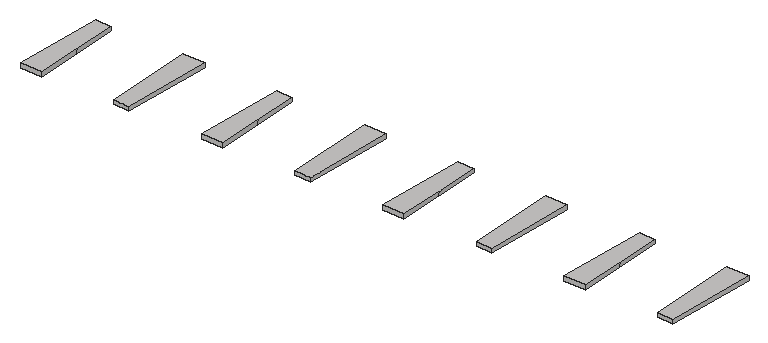
Revit family
Parameters (values of type "PD3 Basket® assembly")
  dataLength [instance] = ((Number of Plates - 1) * Plate Spacing) + 0' 9"  # 7' - 9"
  dataHalf Thickness [instance] = Plate Thickness / 2  # 0' - 0 1/4"
  Width = Basket Width  # 1' - 1"
  URL = "http://www.pna-inc.com"
  Type Comments = ""
  Solo B Visible [instance] = and(not(B Visible), Number of Plates > 1)  # no
  Solo A Visible [instance] = not(A Visible)  # no
  Slab Depth [instance] = 1' - 0"
  Product Page URL = "http://www.pna-inc.com/products/pd3_basket/"
  Product Documentation Link = "http://www.pna-inc.com/products/pd3_basket/PNA_PD3_Basket_Assembly_PDS_08Oct.pdf"
  Plate Thickness = 0' - 0 1/2"
  Plate Spacing [instance] = 1' - 0"
  Plate Material = Metal - PNA - Steel
  Plate Length = 1' - 0"
  Plate Depth [instance] = if(Slab Depth < 1' 2", (Slab Depth / 2), 0' 7")  # 0' - 6"
  Plate B Spacing [instance] = Plate A Spacing  # 2' - 0"
  Number of Plates [instance] = 8
  Model = "PD3 Basket® assembly"
  Manufacturer = "PNA Construction Technologies Inc. "
  Length [instance] = Basket Length  # 7' - 9"
  Description = "PD3 Basket® assembly"
  Basket Width = Plate Length + 0' 1"  # 1' - 1"
  Basket Material = Metal - PNA - Steel
  Basket Length [instance] = if(Number of Plates = 1, 1' 0", if(dataLength > 14' 0", 14' 0", dataLength))  # 7' - 9"
  B Visible [instance] = Number of Plates > 3  # yes
  Assembly Code = ""
  Plate A Spacing [instance] = Plate Spacing * 2  # 2' - 0"
  A Visible [instance] = Number of Plates > 2  # yes
  # of B Plates [instance] = if(Number of Plates < 4, 2, (Number of Plates - # of A Plates))  # 4
  # of A Plates [instance] = if(Number of Plates < 3, 2, Number of Plates / 2)  # 4
Reference planes (in)
  plane 1 "Center (Front/Back)": y = 0
  plane 2: z = 0
  plane 3 "Center (Left/Right)": x = 0
  plane 4 "Bottom of Slab": z = -12
  plane 5: z = -6
  plane 6: x = -40.5
  plane 7: x = -28.5
  plane 8: x = -16.5
  plane 9: x = -4.5
  plane 10: x = -46.5
  plane 11: x = 46.5
  plane 12: z = -5.75
Forms (in)
  Extrusion 1, solid, detail levels coarse
    sketch origin (0, 0, 0) x (1, 0, 0) y (0, 1, 0)
      loop
        line (-46.5, -7.625) -> (46.5, -7.625) -> (46.5, 7.625) -> (-46.5, 7.625) -> (-46.5, -7.625)
    from -12 to -5.75
Lines and regions (in)
  Masking region 1, detail levels coarse
    outline origin (-24, -5.5, 48) x (-1, 0, 0) y (0, 0, 1)
      loop
        line (22.5, -60) -> (22.5, -53.75) -> (-70.5, -53.75) -> (-70.5, -60) -> (22.5, -60)
  Masking region 2, detail levels coarse
    outline origin (-1.90625, 5.75, 48) x (0, -1, 0) y (0, 0, 1)
      loop
        line (-1.875, -60) -> (13.375, -60) -> (13.375, -53.75) -> (-1.875, -53.75) -> (-1.875, -60)
  Masking region 3, detail levels coarse
    outline origin (0, 0, 0) x (1, 0, 0) y (0, 1, 0)
      loop
        line (-46.5, -7.625) -> (46.5, -7.625) -> (46.5, 7.625) -> (-46.5, 7.625) -> (-46.5, -7.625)
Dimensions and locks (in)
  "Slab Depth": plane 2 to plane 4 "Bottom of Slab"
  "Plate Depth": plane 5 to plane 4 "Bottom of Slab"
  "Plate A Spacing": plane 6 to plane 8
  "Plate B Spacing": plane 7 to plane 9
  "Plate Spacing": plane 6 to plane 7
  "Length": plane 10 to plane 11
  equal spacing: plane 10, plane 3 "Center (Left/Right)", plane 11
  locked: plane 10 to plane 6 at 6
  equal spacing: group 1, group 2, group 3, group 7  (x3)
  equal spacing: group 4, group 5, group 6, group 8  (x3)
  "dataHalf Thickness": plane 12 to plane 5
  aligned and locked: level to plane 2
  aligned and locked: nested 1 to plane 6
  aligned and locked: plane 1 "Center (Front/Back)" to nested 1
  aligned and locked: plane 5 to nested 1
  aligned and locked: nested 2 to plane 7
  aligned and locked: plane 1 "Center (Front/Back)" to nested 2
  aligned and locked: plane 1 "Center (Front/Back)" to nested 3
  aligned and locked: nested 3 to plane 6
  aligned and locked: plane 5 to nested 3
  aligned and locked: plane 5 to nested 2
  aligned and locked: nested 4 to plane 8
  aligned and locked: plane 1 "Center (Front/Back)" to nested 4
  aligned and locked: plane 5 to nested 4
  aligned and locked: plane 1 "Center (Front/Back)" to nested 6
  aligned and locked: nested 6 to plane 7
  aligned and locked: plane 5 to nested 6
  aligned and locked: nested 7 to plane 9
  aligned and locked: plane 1 "Center (Front/Back)" to nested 7
  aligned and locked: plane 5 to nested 7
  aligned and locked: Extrusion 1 sketch curve to plane 10
  aligned and locked: plane 11 to Extrusion 1 sketch curve
  aligned and locked: Extrusion 1 to plane 4 "Bottom of Slab"
  aligned and locked: plane 12 to Extrusion 1
  aligned and locked: Masking region 1 sketch curve to plane 10
  aligned and locked: Masking region 1 sketch curve to plane 12
  aligned and locked: Masking region 1 sketch curve to plane 4 "Bottom of Slab"
  aligned and locked: Masking region 1 sketch curve to plane 11
  aligned and locked: Masking region 2 sketch curve to Extrusion 1  (x2)
  aligned and locked: plane 12 to Masking region 2 sketch curve
  aligned and locked: plane 4 "Bottom of Slab" to Masking region 2 sketch curve
  aligned and locked: Masking region 3 sketch curve to plane 10
  aligned and locked: Masking region 3 sketch curve to Extrusion 1  (x2)
  aligned and locked: plane 11 to Masking region 3 sketch curve
  aligned and locked: plane 3 "Center (Left/Right)" to nested 11
  aligned and locked: plane 1 "Center (Front/Back)" to nested 11
  aligned and locked: nested 11 to plane 4 "Bottom of Slab"
  aligned and locked: Extrusion 1 to nested 11
Automatic sketch dimensions
  plane 1 "Center (Front/Back)" to Extrusion 1 sketch curve = 0' - 7 5/8"
  Extrusion 1 sketch curve to plane 1 "Center (Front/Back)" = 0' - 7 5/8"
Nested families (in)
  nested 1: "PD3 Plate A" at (-40.5, 0, -6), Plate Thickness <- "Plate Thickness", Plate Length <- "Plate Length", type "PD3 Plate A"
    with Plate Thickness 0' - 0 1/2", Plate Length 1' - 0", built-in parameter 1001569 0' - 0"
  nested 2: "PD3 Plate B" at (-28.5, 0, -6), Plate Thickness <- "Plate Thickness", Plate Length <- "Plate Length", type "PD3 Plate B"
    with Plate Thickness 0' - 0 1/2", Plate Length 1' - 0", built-in parameter 1001569 0' - 0"
  nested 3: "PD3 Plate A2" at (-40.5, 0, -6), Plate Thickness <- "Plate Thickness", Plate Length <- "Plate Length", visible <- "A Visible", type "PD3 Plate A2"
    with Plate Thickness 0' - 0 1/2", Plate Length 1' - 0", built-in parameter 1001569 0' - 0"
  nested 4: "PD3 Plate A2" at (-16.5, 0, -6), Plate Thickness <- "Plate Thickness", Plate Length <- "Plate Length", visible <- "A Visible", type "PD3 Plate A2"
    with Plate Thickness 0' - 0 1/2", Plate Length 1' - 0", built-in parameter 1001569 0' - 0"
  nested 5: "PD3 Plate A2" at (7.5, 0, -6), Plate Thickness <- "Plate Thickness", Plate Length <- "Plate Length", visible <- "A Visible", type "PD3 Plate A2"
    with Plate Thickness 0' - 0 1/2", Plate Length 1' - 0", built-in parameter 1001569 0' - 0"
  nested 6: "PD3 Plate B2" at (-28.5, 0, -6), Plate Thickness <- "Plate Thickness", Plate Length <- "Plate Length", visible <- "B Visible", type "PD3 Plate B2"
    with Plate Thickness 0' - 0 1/2", Plate Length 1' - 0", built-in parameter 1001569 0' - 0"
  nested 7: "PD3 Plate B2" at (-4.5, 0, -6), Plate Thickness <- "Plate Thickness", Plate Length <- "Plate Length", visible <- "B Visible", type "PD3 Plate B2"
    with Plate Thickness 0' - 0 1/2", Plate Length 1' - 0", built-in parameter 1001569 0' - 0"
  nested 8: "PD3 Plate B2" at (19.5, 0, -6), Plate Thickness <- "Plate Thickness", Plate Length <- "Plate Length", visible <- "B Visible", type "PD3 Plate B2"
    with Plate Thickness 0' - 0 1/2", Plate Length 1' - 0", built-in parameter 1001569 0' - 0"
  nested 9: "PD3 Plate A2" at (31.5, 0, -6), Plate Thickness <- "Plate Thickness", Plate Length <- "Plate Length", visible <- "A Visible", type "PD3 Plate A2"
    with Plate Thickness 0' - 0 1/2", Plate Length 1' - 0", built-in parameter 1001569 0' - 0"
  nested 10: "PD3 Plate B2" at (43.5, 0, -6), Plate Thickness <- "Plate Thickness", Plate Length <- "Plate Length", visible <- "B Visible", type "PD3 Plate B2"
    with Plate Thickness 0' - 0 1/2", Plate Length 1' - 0", built-in parameter 1001569 0' - 0"
  nested 11: "PD3 Basket Rails" at (0, 0, 0), Slab Depth <- "Slab Depth", Plate Thickness <- "Plate Thickness", Plate Length <- "Plate Length", Basket Length <- "Basket Length", type "Rails"
    with Slab Depth 1' - 0", Plate Thickness 0' - 0 1/2", Plate Offset 0' - 0 1/4", Plate Length 1' - 0", Plate Depth 0' - 6", Length 0' - 0", Basket Width 1' - 1", Basket Length 7' - 9"
Definition of nested family "PD3 Plate A"
  Parameters (values of type "PD3 Plate A")
    Width = 0' - 0"  # constant formula
    URL = ""
    Type Comments = ""
    Plate Thickness [instance] = 0' - 0 3/4"
    Plate Material = Metal - PNA - Steel
    Plate Length [instance] = 1' - 0"
    Model = ""
    Manufacturer = "PNA Construction Technologies Inc. "
    Length [instance] = 0' - 0"  # constant formula
    Description = "\r\n\r\nIt is imperative that round dowel baskets are positioned so that the dowels are at 90º to the joint to prevent the dowels from ‘stitching’ the joint together… “Dowels, whether bars or plates, are installed at slab mid-depth, parallel to the floor surface and slab centerline. Round dowel bars not placed parallel will restrain joint movement and may cause random cracking. Dowel bar cages can be used to assure proper positioning in concrete floor construction. The new dowel shapes- square bars and plates- may be more forgiving than traditional round bars in this respect.” - Portland Cement Association; Concrete Floors on Ground.\r\n\r\nSee the ‘Load Plate Basket’ section of this web site for more information regarding this improved technology"
    Assembly Code = ""
  Reference planes (in)
    plane 1 "Center (Front/Back)": y = 0
    plane 2: z = 0
    plane 3: z = 0.375
    plane 4: z = -0.375
    plane 5 "Center (Left/Right)": x = 0
  Lines and regions (in)
    Masking region 1, detail levels medium+fine
      outline origin (0, 0, 0) x (1, 0, 0) y (0, 1, 0)
        loop
          line (-1.03958, 6.04001) -> (-1.45889, -5.95266) -> (1.4734, -6.05518) -> (1.02508, 5.96783) -> (-1.03958, 6.04001)
    Masking region 2, detail levels medium+fine
      outline origin (0, 0, 0) x (1, 0, 0) y (0, 0, 1)
        loop
          line (1.4734, 0.375) -> (-1.45889, 0.375) -> (-1.45889, -0.375) -> (1.4734, -0.375) -> (1.4734, 0.375)
    Masking region 3, detail levels medium+fine
      outline origin (0, 0, -7) x (0, 1, 0) y (0, 0, 1)
        loop
          line (6.04001, 7.375) -> (-6.05518, 7.375) -> (-6.05518, 6.625) -> (6.04001, 6.625) -> (6.04001, 7.375)
  Dimensions and locks (in)
    "Plate Thickness": plane 3 to plane 4
    equal spacing: plane 3, plane 2, plane 4
    aligned and locked: level to plane 2
    aligned and locked: nested 1 to plane 1 "Center (Front/Back)"
    aligned and locked: nested 1 to plane 5 "Center (Left/Right)"
    aligned and locked: Masking region 1 sketch curve to nested 1  (x4)
    aligned and locked: Masking region 2 sketch curve to nested 1  (x4)
    aligned and locked: nested 1 to Masking region 3 sketch curve  (x2)
    aligned and locked: Masking region 3 sketch curve to nested 1  (x2)
  Nested families (in)
    nested 1: "PD3 Plate" at (0, 0, 0) x (0.0349, 0.9994, 0) z (0, 0, 1), Plate Thickness <- "Plate Thickness", Plate Length <- "Plate Length", type "Plate", detail levels medium+fine
      with Plate Width 0' - 2 1/2", Plate Thickness 0' - 0 3/4", Plate Length 1' - 0"
  Definition of nested family "PD3 Plate"
    Parameters (values of type "Plate")
      Width = 0' - 0"  # constant formula
      URL = ""
      Plate Width [instance] = if(Plate Thickness = 0' 0 3/8", 0' 2", 0' 2 1/2")  # 0' - 2 1/2"
      Plate Thickness [instance] = 0' - 0 1/2"
      Plate Material = none
      Plate Length [instance] = 1' - 0"
      Model = ""
      Manufacturer = ""
      Length = 0' - 0"  # constant formula
      Description = ""
      Assembly Code = ""
    Reference planes (in)
      plane 1 "Center (Front/Back)": y = 0
      plane 2: z = 0
      plane 3 "Center (Left/Right)": x = 0
      plane 4: through (0, 0, 48) normal (-0.7071, -0.7071, 0)
      plane 5: through (0, 0, 48) normal (-0.7071, 0.7071, 0)
      plane 6: through (-11.75245, 9.98468, 48) normal (0.7071, 0.7071, 0)
      plane 7: through (-9.98468, 11.75245, 48) normal (0.7071, 0.7071, 0)
      plane 8: through (16.10608, 17.87384, 48) normal (0.7071, -0.7071, 0)
      plane 9: through (15.96206, 14.19429, 48) normal (0.7071, -0.7071, 0)
      plane 10: z = 0.25
      plane 11 "Bottom of Plate": z = -0.25
      plane 12 "Length Midline": through (-5.70952, -0.19962, 48) normal (-0.0349, 0.9994, 0)
      plane 13 "Front Edge Midline": y = -1.25
      plane 14 "Back Edge": y = 1.25
      plane 15 "Left Edge": x = -6
      plane 16 "Right Edge": x = 6
      plane 17 "Front Corner Long": y = -1.68408
      plane 18 "Front Corner Short": y = -0.81592
      plane 19: through (0, 0, 48) normal (0.9994, 0.0349, 0)
    Forms (in)
      Extrusion 1, solid, material <- "Plate Material"
        sketch origin (0.33452, -8.56221, 0) x (1, 0, 0) y (0, 1, 0)
          loop
            line (-0.33452, 7.31221) -> (5.66548, 7.74629) -> (5.66548, 9.81221) -> (-6.33452, 9.81221) -> (-6.33452, 6.87814) -> (-0.33452, 7.31221)
        from -0.25 to 0.25
    Lines and regions (in)
      Masking region 1
        outline origin (0, 0, 0) x (0, 1, 0) y (0, 0, 1)
          loop
            line (1.4106, 0.25) -> (-1.42447, 0.25) -> (-1.42447, -0.25) -> (1.4106, -0.25) -> (1.4106, 0.25)
    Dimensions and locks (in)
      equal spacing: plane 7, plane 4, plane 6
      equal spacing: plane 9, plane 5, plane 8
      locked: plane 9 to plane 8 at 2.5
      locked: plane 7 to plane 6 at 2.5
      equal spacing: plane 10, plane 2, plane 11 "Bottom of Plate"
      "Plate Thickness": plane 10 to plane 11 "Bottom of Plate"
      equal spacing: plane 15 "Left Edge", plane 3 "Center (Left/Right)", plane 16 "Right Edge"
      equal spacing: plane 14 "Back Edge", plane 1 "Center (Front/Back)", plane 13 "Front Edge Midline"
      plane 17 "Front Corner Long" to plane 13 "Front Edge Midline" to plane 18 "Front Corner Short" = 0' - 0.43408" locked, 0' - 0.43408" locked
      "Plate Width": plane 14 "Back Edge" to plane 13 "Front Edge Midline"
      "Plate Length": plane 15 "Left Edge" to plane 16 "Right Edge"
      locked: plane 4 to plane 1 "Center (Front/Back)" (angle 45.00°)
      locked: plane 1 "Center (Front/Back)" to plane 5 (angle 45.00°)
      aligned: plane 14 "Back Edge" to Extrusion 1
      aligned: plane 16 "Right Edge" to Extrusion 1
      aligned: plane 15 "Left Edge" to Extrusion 1
      aligned and locked: Extrusion 1 to plane 11 "Bottom of Plate"
      aligned and locked: plane 10 to Extrusion 1
      aligned and locked: plane 13 "Front Edge Midline" to Extrusion 1 sketch curve
      aligned and locked: plane 18 "Front Corner Short" to Extrusion 1 sketch curve
      aligned and locked: Extrusion 1 sketch curve to plane 14 "Back Edge"
      aligned and locked: Extrusion 1 sketch curve to plane 16 "Right Edge"
      aligned and locked: plane 17 "Front Corner Long" to Extrusion 1 sketch curve
    Automatic sketch dimensions
      Masking region 1 sketch curve to plane 11 "Bottom of Plate" = 0' - 0"
      Masking region 1 sketch curve to plane 10 = 0' - 0"
      plane 1 "Center (Front/Back)" to Masking region 1 sketch curve = 0' - 1.42447"
      Masking region 1 sketch curve to plane 1 "Center (Front/Back)" = 0' - 1.4106"
      Extrusion 1 sketch curve to plane 15 "Left Edge" = 0' - 0"
      Extrusion 1 sketch curve to plane 3 "Center (Left/Right)" = 0' - 0"
Definition of nested family "PD3 Plate B"
  Parameters (values of type "PD3 Plate B")
    Width = 0' - 0"  # constant formula
    URL = ""
    Type Comments = ""
    Plate Thickness [instance] = 0' - 0 3/8"
    Plate Material = Metal - PNA - Steel
    Plate Length [instance] = 1' - 0"
    Model = ""
    Manufacturer = ""
    Length [instance] = 0' - 0"  # constant formula
    Description = "\r\n\r\nIt is imperative that round dowel baskets are positioned so that the dowels are at 90º to the joint to prevent the dowels from ‘stitching’ the joint together… “Dowels, whether bars or plates, are installed at slab mid-depth, parallel to the floor surface and slab centerline. Round dowel bars not placed parallel will restrain joint movement and may cause random cracking. Dowel bar cages can be used to assure proper positioning in concrete floor construction. The new dowel shapes- square bars and plates- may be more forgiving than traditional round bars in this respect.” - Portland Cement Association; Concrete Floors on Ground.\r\n\r\nSee the ‘Load Plate Basket’ section of this web site for more information regarding this improved technology"
    Assembly Code = ""
  Reference planes (in)
    plane 1 "Center (Front/Back)": y = 0
    plane 2: z = 0
    plane 3: z = 0.1875
    plane 4: z = -0.1875
    plane 5 "Center (Left/Right)": x = 0
  Lines and regions (in)
    Masking region 1, detail levels medium+fine
      outline origin (0, 0, 0) x (1, 0, 0) y (0, 1, 0)
        loop
          line (0.78974, -6.03128) -> (1.20904, 5.96139) -> (-1.22355, 6.04645) -> (-0.77523, -5.97656) -> (0.78974, -6.03128)
    Masking region 2, detail levels medium+fine
      outline origin (0, 0, 0) x (1, 0, 0) y (0, 0, 1)
        loop
          line (1.20904, 0.1875) -> (-1.22355, 0.1875) -> (-1.22355, -0.1875) -> (1.20904, -0.1875) -> (1.20904, 0.1875)
    Masking region 3, detail levels medium+fine
      outline origin (0, 0, -7) x (0, 1, 0) y (0, 0, 1)
        loop
          line (6.04645, 7.1875) -> (-6.03128, 7.1875) -> (-6.03128, 6.8125) -> (6.04645, 6.8125) -> (6.04645, 7.1875)
  Dimensions and locks (in)
    "Plate Thickness": plane 3 to plane 4
    equal spacing: plane 3, plane 2, plane 4
    aligned and locked: level to plane 2
    aligned and locked: plane 1 "Center (Front/Back)" to nested 1
    aligned and locked: plane 5 "Center (Left/Right)" to nested 1
    aligned and locked: Masking region 1 sketch curve to nested 1  (x4)
    aligned and locked: Masking region 2 sketch curve to nested 1  (x4)
    aligned and locked: Masking region 3 sketch curve to nested 1  (x4)
  Nested families (in)
    nested 1: "PD3 Plate" at (0, 0, 0) x (-0.0349, -0.9994, 0) z (0, 0, 1), Plate Thickness <- "Plate Thickness", Plate Length <- "Plate Length", type "Plate", detail levels medium+fine
      with Plate Width 0' - 2", Plate Thickness 0' - 0 3/8", Plate Length 1' - 0"
  Definition of nested family "PD3 Plate"
    Parameters (values of type "Plate")
      Width = 0' - 0"  # constant formula
      URL = ""
      Plate Width [instance] = if(Plate Thickness = 0' 0 3/8", 0' 2", 0' 2 1/2")  # 0' - 2 1/2"
      Plate Thickness [instance] = 0' - 0 1/2"
      Plate Material = none
      Plate Length [instance] = 1' - 0"
      Model = ""
      Manufacturer = ""
      Length = 0' - 0"  # constant formula
      Description = ""
      Assembly Code = ""
    Reference planes (in)
      plane 1 "Center (Front/Back)": y = 0
      plane 2: z = 0
      plane 3 "Center (Left/Right)": x = 0
      plane 4: through (0, 0, 48) normal (-0.7071, -0.7071, 0)
      plane 5: through (0, 0, 48) normal (-0.7071, 0.7071, 0)
      plane 6: through (-11.75245, 9.98468, 48) normal (0.7071, 0.7071, 0)
      plane 7: through (-9.98468, 11.75245, 48) normal (0.7071, 0.7071, 0)
      plane 8: through (16.10608, 17.87384, 48) normal (0.7071, -0.7071, 0)
      plane 9: through (15.96206, 14.19429, 48) normal (0.7071, -0.7071, 0)
      plane 10: z = 0.25
      plane 11 "Bottom of Plate": z = -0.25
      plane 12 "Length Midline": through (-5.70952, -0.19962, 48) normal (-0.0349, 0.9994, 0)
      plane 13 "Front Edge Midline": y = -1.25
      plane 14 "Back Edge": y = 1.25
      plane 15 "Left Edge": x = -6
      plane 16 "Right Edge": x = 6
      plane 17 "Front Corner Long": y = -1.68408
      plane 18 "Front Corner Short": y = -0.81592
      plane 19: through (0, 0, 48) normal (0.9994, 0.0349, 0)
    Forms (in)
      Extrusion 1, solid, material <- "Plate Material"
        sketch origin (0.33452, -8.56221, 0) x (1, 0, 0) y (0, 1, 0)
          loop
            line (-0.33452, 7.31221) -> (5.66548, 7.74629) -> (5.66548, 9.81221) -> (-6.33452, 9.81221) -> (-6.33452, 6.87814) -> (-0.33452, 7.31221)
        from -0.25 to 0.25
    Lines and regions (in)
      Masking region 1
        outline origin (0, 0, 0) x (0, 1, 0) y (0, 0, 1)
          loop
            line (1.4106, 0.25) -> (-1.42447, 0.25) -> (-1.42447, -0.25) -> (1.4106, -0.25) -> (1.4106, 0.25)
    Dimensions and locks (in)
      equal spacing: plane 7, plane 4, plane 6
      equal spacing: plane 9, plane 5, plane 8
      locked: plane 9 to plane 8 at 2.5
      locked: plane 7 to plane 6 at 2.5
      equal spacing: plane 10, plane 2, plane 11 "Bottom of Plate"
      "Plate Thickness": plane 10 to plane 11 "Bottom of Plate"
      equal spacing: plane 15 "Left Edge", plane 3 "Center (Left/Right)", plane 16 "Right Edge"
      equal spacing: plane 14 "Back Edge", plane 1 "Center (Front/Back)", plane 13 "Front Edge Midline"
      plane 17 "Front Corner Long" to plane 13 "Front Edge Midline" to plane 18 "Front Corner Short" = 0' - 0.43408" locked, 0' - 0.43408" locked
      "Plate Width": plane 14 "Back Edge" to plane 13 "Front Edge Midline"
      "Plate Length": plane 15 "Left Edge" to plane 16 "Right Edge"
      locked: plane 4 to plane 1 "Center (Front/Back)" (angle 45.00°)
      locked: plane 1 "Center (Front/Back)" to plane 5 (angle 45.00°)
      aligned: plane 14 "Back Edge" to Extrusion 1
      aligned: plane 16 "Right Edge" to Extrusion 1
      aligned: plane 15 "Left Edge" to Extrusion 1
      aligned and locked: Extrusion 1 to plane 11 "Bottom of Plate"
      aligned and locked: plane 10 to Extrusion 1
      aligned and locked: plane 13 "Front Edge Midline" to Extrusion 1 sketch curve
      aligned and locked: plane 18 "Front Corner Short" to Extrusion 1 sketch curve
      aligned and locked: Extrusion 1 sketch curve to plane 14 "Back Edge"
      aligned and locked: Extrusion 1 sketch curve to plane 16 "Right Edge"
      aligned and locked: plane 17 "Front Corner Long" to Extrusion 1 sketch curve
    Automatic sketch dimensions
      Masking region 1 sketch curve to plane 11 "Bottom of Plate" = 0' - 0"
      Masking region 1 sketch curve to plane 10 = 0' - 0"
      plane 1 "Center (Front/Back)" to Masking region 1 sketch curve = 0' - 1.42447"
      Masking region 1 sketch curve to plane 1 "Center (Front/Back)" = 0' - 1.4106"
      Extrusion 1 sketch curve to plane 15 "Left Edge" = 0' - 0"
      Extrusion 1 sketch curve to plane 3 "Center (Left/Right)" = 0' - 0"
Definition of nested family "PD3 Plate A2"
  Parameters (values of type "PD3 Plate A2")
    Width = 0' - 0"  # constant formula
    URL = ""
    Type Comments = ""
    Plate Thickness [instance] = 0' - 0 3/4"
    Plate Material = Metal - PNA - Steel
    Plate Length [instance] = 1' - 0"
    Model = ""
    Manufacturer = "PNA Construction Technologies Inc. "
    Length [instance] = 0' - 0"  # constant formula
    Description = "\r\n\r\nIt is imperative that round dowel baskets are positioned so that the dowels are at 90º to the joint to prevent the dowels from ‘stitching’ the joint together… “Dowels, whether bars or plates, are installed at slab mid-depth, parallel to the floor surface and slab centerline. Round dowel bars not placed parallel will restrain joint movement and may cause random cracking. Dowel bar cages can be used to assure proper positioning in concrete floor construction. The new dowel shapes- square bars and plates- may be more forgiving than traditional round bars in this respect.” - Portland Cement Association; Concrete Floors on Ground.\r\n\r\nSee the ‘Load Plate Basket’ section of this web site for more information regarding this improved technology"
    Assembly Code = ""
  Reference planes (in)
    plane 1 "Center (Front/Back)": y = 0
    plane 2: z = 0
    plane 3: z = 0.375
    plane 4: z = -0.375
    plane 5 "Center (Left/Right)": x = 0
  Lines and regions (in)
    Masking region 1, detail levels medium+fine
      outline origin (0, 0, 0) x (1, 0, 0) y (0, 1, 0)
        loop
          line (1.4734, -6.05518) -> (1.02508, 5.96783) -> (-1.03958, 6.04001) -> (-1.45889, -5.95266) -> (1.4734, -6.05518)
    Masking region 2, detail levels medium+fine
      outline origin (0, 0, 0) x (1, 0, 0) y (0, 0, 1)
        loop
          line (1.4734, 0.375) -> (-1.45889, 0.375) -> (-1.45889, -0.375) -> (1.4734, -0.375) -> (1.4734, 0.375)
    Masking region 3, detail levels medium+fine
      outline origin (0, 0, -7) x (0, 1, 0) y (0, 0, 1)
        loop
          line (6.04001, 7.375) -> (-6.05518, 7.375) -> (-6.05518, 6.625) -> (6.04001, 6.625) -> (6.04001, 7.375)
  Dimensions and locks (in)
    equal spacing: plane 3, plane 2, plane 4
    "Plate Thickness": plane 3 to plane 4
    aligned and locked: level to plane 2
    aligned and locked: nested 1 to plane 1 "Center (Front/Back)"
    aligned and locked: nested 1 to plane 5 "Center (Left/Right)"
    aligned and locked: Masking region 1 sketch curve to nested 1  (x4)
    aligned and locked: Masking region 2 sketch curve to nested 1  (x4)
    aligned and locked: nested 1 to Masking region 3 sketch curve  (x2)
    aligned and locked: Masking region 3 sketch curve to nested 1  (x2)
  Nested families (in)
    nested 1: "PD3 Plate" at (0, 0, 0) x (0.0349, 0.9994, 0) z (0, 0, 1), Plate Thickness <- "Plate Thickness", Plate Length <- "Plate Length", type "Plate", detail levels medium+fine
      with Plate Width 0' - 2 1/2", Plate Thickness 0' - 0 3/4", Plate Length 1' - 0"
  Definition of nested family "PD3 Plate"
    Parameters (values of type "Plate")
      Width = 0' - 0"  # constant formula
      URL = ""
      Plate Width [instance] = if(Plate Thickness = 0' 0 3/8", 0' 2", 0' 2 1/2")  # 0' - 2 1/2"
      Plate Thickness [instance] = 0' - 0 1/2"
      Plate Material = none
      Plate Length [instance] = 1' - 0"
      Model = ""
      Manufacturer = ""
      Length = 0' - 0"  # constant formula
      Description = ""
      Assembly Code = ""
    Reference planes (in)
      plane 1 "Center (Front/Back)": y = 0
      plane 2: z = 0
      plane 3 "Center (Left/Right)": x = 0
      plane 4: through (0, 0, 48) normal (-0.7071, -0.7071, 0)
      plane 5: through (0, 0, 48) normal (-0.7071, 0.7071, 0)
      plane 6: through (-11.75245, 9.98468, 48) normal (0.7071, 0.7071, 0)
      plane 7: through (-9.98468, 11.75245, 48) normal (0.7071, 0.7071, 0)
      plane 8: through (16.10608, 17.87384, 48) normal (0.7071, -0.7071, 0)
      plane 9: through (15.96206, 14.19429, 48) normal (0.7071, -0.7071, 0)
      plane 10: z = 0.25
      plane 11 "Bottom of Plate": z = -0.25
      plane 12 "Length Midline": through (-5.70952, -0.19962, 48) normal (-0.0349, 0.9994, 0)
      plane 13 "Front Edge Midline": y = -1.25
      plane 14 "Back Edge": y = 1.25
      plane 15 "Left Edge": x = -6
      plane 16 "Right Edge": x = 6
      plane 17 "Front Corner Long": y = -1.68408
      plane 18 "Front Corner Short": y = -0.81592
      plane 19: through (0, 0, 48) normal (0.9994, 0.0349, 0)
    Forms (in)
      Extrusion 1, solid, material <- "Plate Material"
        sketch origin (0.33452, -8.56221, 0) x (1, 0, 0) y (0, 1, 0)
          loop
            line (-0.33452, 7.31221) -> (5.66548, 7.74629) -> (5.66548, 9.81221) -> (-6.33452, 9.81221) -> (-6.33452, 6.87814) -> (-0.33452, 7.31221)
        from -0.25 to 0.25
    Lines and regions (in)
      Masking region 1
        outline origin (0, 0, 0) x (0, 1, 0) y (0, 0, 1)
          loop
            line (1.4106, 0.25) -> (-1.42447, 0.25) -> (-1.42447, -0.25) -> (1.4106, -0.25) -> (1.4106, 0.25)
    Dimensions and locks (in)
      equal spacing: plane 7, plane 4, plane 6
      equal spacing: plane 9, plane 5, plane 8
      locked: plane 9 to plane 8 at 2.5
      locked: plane 7 to plane 6 at 2.5
      equal spacing: plane 10, plane 2, plane 11 "Bottom of Plate"
      "Plate Thickness": plane 10 to plane 11 "Bottom of Plate"
      equal spacing: plane 15 "Left Edge", plane 3 "Center (Left/Right)", plane 16 "Right Edge"
      equal spacing: plane 14 "Back Edge", plane 1 "Center (Front/Back)", plane 13 "Front Edge Midline"
      plane 17 "Front Corner Long" to plane 13 "Front Edge Midline" to plane 18 "Front Corner Short" = 0' - 0.43408" locked, 0' - 0.43408" locked
      "Plate Width": plane 14 "Back Edge" to plane 13 "Front Edge Midline"
      "Plate Length": plane 15 "Left Edge" to plane 16 "Right Edge"
      locked: plane 4 to plane 1 "Center (Front/Back)" (angle 45.00°)
      locked: plane 1 "Center (Front/Back)" to plane 5 (angle 45.00°)
      aligned: plane 14 "Back Edge" to Extrusion 1
      aligned: plane 16 "Right Edge" to Extrusion 1
      aligned: plane 15 "Left Edge" to Extrusion 1
      aligned and locked: Extrusion 1 to plane 11 "Bottom of Plate"
      aligned and locked: plane 10 to Extrusion 1
      aligned and locked: plane 13 "Front Edge Midline" to Extrusion 1 sketch curve
      aligned and locked: plane 18 "Front Corner Short" to Extrusion 1 sketch curve
      aligned and locked: Extrusion 1 sketch curve to plane 14 "Back Edge"
      aligned and locked: Extrusion 1 sketch curve to plane 16 "Right Edge"
      aligned and locked: plane 17 "Front Corner Long" to Extrusion 1 sketch curve
    Automatic sketch dimensions
      Masking region 1 sketch curve to plane 11 "Bottom of Plate" = 0' - 0"
      Masking region 1 sketch curve to plane 10 = 0' - 0"
      plane 1 "Center (Front/Back)" to Masking region 1 sketch curve = 0' - 1.42447"
      Masking region 1 sketch curve to plane 1 "Center (Front/Back)" = 0' - 1.4106"
      Extrusion 1 sketch curve to plane 15 "Left Edge" = 0' - 0"
      Extrusion 1 sketch curve to plane 3 "Center (Left/Right)" = 0' - 0"
Definition of nested family "PD3 Plate B2"
  Parameters (values of type "PD3 Plate B2")
    Width = 0' - 0"  # constant formula
    URL = ""
    Type Comments = ""
    Plate Thickness [instance] = 0' - 0 3/8"
    Plate Material = Metal - PNA - Steel
    Plate Length [instance] = 1' - 0"
    Model = ""
    Manufacturer = ""
    Length [instance] = 0' - 0"  # constant formula
    Description = "\r\n\r\nIt is imperative that round dowel baskets are positioned so that the dowels are at 90º to the joint to prevent the dowels from ‘stitching’ the joint together… “Dowels, whether bars or plates, are installed at slab mid-depth, parallel to the floor surface and slab centerline. Round dowel bars not placed parallel will restrain joint movement and may cause random cracking. Dowel bar cages can be used to assure proper positioning in concrete floor construction. The new dowel shapes- square bars and plates- may be more forgiving than traditional round bars in this respect.” - Portland Cement Association; Concrete Floors on Ground.\r\n\r\nSee the ‘Load Plate Basket’ section of this web site for more information regarding this improved technology"
    Assembly Code = ""
  Reference planes (in)
    plane 1 "Center (Front/Back)": y = 0
    plane 2: z = 0
    plane 3: z = 0.1875
    plane 4: z = -0.1875
    plane 5 "Center (Left/Right)": x = 0
  Lines and regions (in)
    Masking region 1, detail levels medium+fine
      outline origin (0, 0, 0) x (1, 0, 0) y (0, 1, 0)
        loop
          line (1.20904, 5.96139) -> (-1.22355, 6.04645) -> (-0.77523, -5.97656) -> (0.78974, -6.03128) -> (1.20904, 5.96139)
    Masking region 2, detail levels medium+fine
      outline origin (0, 0, 0) x (1, 0, 0) y (0, 0, 1)
        loop
          line (1.20904, 0.1875) -> (-1.22355, 0.1875) -> (-1.22355, -0.1875) -> (1.20904, -0.1875) -> (1.20904, 0.1875)
    Masking region 3, detail levels medium+fine
      outline origin (0, 0, -7) x (0, 1, 0) y (0, 0, 1)
        loop
          line (6.04645, 7.1875) -> (-6.03128, 7.1875) -> (-6.03128, 6.8125) -> (6.04645, 6.8125) -> (6.04645, 7.1875)
  Dimensions and locks (in)
    equal spacing: plane 3, plane 2, plane 4
    "Plate Thickness": plane 3 to plane 4
    aligned and locked: level to plane 2
    aligned and locked: plane 1 "Center (Front/Back)" to nested 1
    aligned and locked: plane 5 "Center (Left/Right)" to nested 1
    aligned and locked: Masking region 1 sketch curve to nested 1  (x4)
    aligned and locked: Masking region 2 sketch curve to nested 1  (x4)
    aligned and locked: Masking region 3 sketch curve to nested 1  (x4)
  Nested families (in)
    nested 1: "PD3 Plate" at (0, 0, 0) x (-0.0349, -0.9994, 0) z (0, 0, 1), Plate Thickness <- "Plate Thickness", Plate Length <- "Plate Length", type "Plate", detail levels medium+fine
      with Plate Width 0' - 2", Plate Thickness 0' - 0 3/8", Plate Length 1' - 0"
  Definition of nested family "PD3 Plate"
    Parameters (values of type "Plate")
      Width = 0' - 0"  # constant formula
      URL = ""
      Plate Width [instance] = if(Plate Thickness = 0' 0 3/8", 0' 2", 0' 2 1/2")  # 0' - 2 1/2"
      Plate Thickness [instance] = 0' - 0 1/2"
      Plate Material = none
      Plate Length [instance] = 1' - 0"
      Model = ""
      Manufacturer = ""
      Length = 0' - 0"  # constant formula
      Description = ""
      Assembly Code = ""
    Reference planes (in)
      plane 1 "Center (Front/Back)": y = 0
      plane 2: z = 0
      plane 3 "Center (Left/Right)": x = 0
      plane 4: through (0, 0, 48) normal (-0.7071, -0.7071, 0)
      plane 5: through (0, 0, 48) normal (-0.7071, 0.7071, 0)
      plane 6: through (-11.75245, 9.98468, 48) normal (0.7071, 0.7071, 0)
      plane 7: through (-9.98468, 11.75245, 48) normal (0.7071, 0.7071, 0)
      plane 8: through (16.10608, 17.87384, 48) normal (0.7071, -0.7071, 0)
      plane 9: through (15.96206, 14.19429, 48) normal (0.7071, -0.7071, 0)
      plane 10: z = 0.25
      plane 11 "Bottom of Plate": z = -0.25
      plane 12 "Length Midline": through (-5.70952, -0.19962, 48) normal (-0.0349, 0.9994, 0)
      plane 13 "Front Edge Midline": y = -1.25
      plane 14 "Back Edge": y = 1.25
      plane 15 "Left Edge": x = -6
      plane 16 "Right Edge": x = 6
      plane 17 "Front Corner Long": y = -1.68408
      plane 18 "Front Corner Short": y = -0.81592
      plane 19: through (0, 0, 48) normal (0.9994, 0.0349, 0)
    Forms (in)
      Extrusion 1, solid, material <- "Plate Material"
        sketch origin (0.33452, -8.56221, 0) x (1, 0, 0) y (0, 1, 0)
          loop
            line (-0.33452, 7.31221) -> (5.66548, 7.74629) -> (5.66548, 9.81221) -> (-6.33452, 9.81221) -> (-6.33452, 6.87814) -> (-0.33452, 7.31221)
        from -0.25 to 0.25
    Lines and regions (in)
      Masking region 1
        outline origin (0, 0, 0) x (0, 1, 0) y (0, 0, 1)
          loop
            line (1.4106, 0.25) -> (-1.42447, 0.25) -> (-1.42447, -0.25) -> (1.4106, -0.25) -> (1.4106, 0.25)
    Dimensions and locks (in)
      equal spacing: plane 7, plane 4, plane 6
      equal spacing: plane 9, plane 5, plane 8
      locked: plane 9 to plane 8 at 2.5
      locked: plane 7 to plane 6 at 2.5
      equal spacing: plane 10, plane 2, plane 11 "Bottom of Plate"
      "Plate Thickness": plane 10 to plane 11 "Bottom of Plate"
      equal spacing: plane 15 "Left Edge", plane 3 "Center (Left/Right)", plane 16 "Right Edge"
      equal spacing: plane 14 "Back Edge", plane 1 "Center (Front/Back)", plane 13 "Front Edge Midline"
      plane 17 "Front Corner Long" to plane 13 "Front Edge Midline" to plane 18 "Front Corner Short" = 0' - 0.43408" locked, 0' - 0.43408" locked
      "Plate Width": plane 14 "Back Edge" to plane 13 "Front Edge Midline"
      "Plate Length": plane 15 "Left Edge" to plane 16 "Right Edge"
      locked: plane 4 to plane 1 "Center (Front/Back)" (angle 45.00°)
      locked: plane 1 "Center (Front/Back)" to plane 5 (angle 45.00°)
      aligned: plane 14 "Back Edge" to Extrusion 1
      aligned: plane 16 "Right Edge" to Extrusion 1
      aligned: plane 15 "Left Edge" to Extrusion 1
      aligned and locked: Extrusion 1 to plane 11 "Bottom of Plate"
      aligned and locked: plane 10 to Extrusion 1
      aligned and locked: plane 13 "Front Edge Midline" to Extrusion 1 sketch curve
      aligned and locked: plane 18 "Front Corner Short" to Extrusion 1 sketch curve
      aligned and locked: Extrusion 1 sketch curve to plane 14 "Back Edge"
      aligned and locked: Extrusion 1 sketch curve to plane 16 "Right Edge"
      aligned and locked: plane 17 "Front Corner Long" to Extrusion 1 sketch curve
    Automatic sketch dimensions
      Masking region 1 sketch curve to plane 11 "Bottom of Plate" = 0' - 0"
      Masking region 1 sketch curve to plane 10 = 0' - 0"
      plane 1 "Center (Front/Back)" to Masking region 1 sketch curve = 0' - 1.42447"
      Masking region 1 sketch curve to plane 1 "Center (Front/Back)" = 0' - 1.4106"
      Extrusion 1 sketch curve to plane 15 "Left Edge" = 0' - 0"
      Extrusion 1 sketch curve to plane 3 "Center (Left/Right)" = 0' - 0"
Definition of nested family "PD3 Basket Rails"
  Parameters (values of type "Rails")
    Width = 0' - 0"  # constant formula
    URL = ""
    Type Comments = ""
    Slab Depth [instance] = 1' - 0"
    Plate Thickness [instance] = 0' - 0 3/4"
    Plate Offset [instance] = Plate Thickness / 2  # 0' - 0 3/8"
    Plate Length [instance] = 0' - 8"
    Plate Depth [instance] = if(Slab Depth < 1' 2", (Slab Depth / 2), 0' 7")  # 0' - 6"
    Model = ""
    Manufacturer = "PNA Construction Technologies Inc. "
    Length [instance] = 0' - 0"  # constant formula
    Description = "\r\n\r\nIt is imperative that round dowel baskets are positioned so that the dowels are at 90º to the joint to prevent the dowels from ‘stitching’ the joint together… “Dowels, whether bars or plates, are installed at slab mid-depth, parallel to the floor surface and slab centerline. Round dowel bars not placed parallel will restrain joint movement and may cause random cracking. Dowel bar cages can be used to assure proper positioning in concrete floor construction. The new dowel shapes- square bars and plates- may be more forgiving than traditional round bars in this respect.” - Portland Cement Association; Concrete Floors on Ground.\r\n\r\nSee the ‘Load Plate Basket’ section of this web site for more information regarding this improved technology"
    Basket Width [instance] = Plate Length + 0' 1"  # 0' - 9"
    Basket Material = Metal - PNA - Steel
    Basket Length [instance] = 4' - 0"
    Assembly Code = ""
  Reference planes (in)
    plane 1 "Center (Front/Back)": y = 0
    plane 2: z = 0
    plane 3 "Midline of Plate Thickness": z = -6
    plane 4: y = 5.5
    plane 5 "Slanted Support Top Back Edge": y = 3.5
    plane 6: y = -5.5
    plane 7: y = -3.5
    plane 8 "Top Rails": z = -6.5
    plane 9: x = -24
    plane 10: x = 24
    plane 11: y = 4.5
    plane 12: y = -4.5
    plane 13: z = -6.375
    plane 14 "Bottom Rails": z = -11.875
    plane 15 "Center (Left/Right)": x = 0
    plane 16: z = -12
    plane 17: y = 5.625
    plane 18: y = 5.375
    plane 19: y = 3.625
    plane 20: y = 3.375
    plane 21: y = -3.375
    plane 22: y = -3.625
    plane 23: y = -5.375
    plane 24: y = -5.625
    plane 25: z = -11.75
    plane 26: z = -6.625
  Lines and regions (in)
    Masking region 1, detail levels medium+fine
      outline origin (0, 0, -11.875) x (0, 1, 0) y (-1, 0, 0)
        loop
          line (5.625, 24) -> (5.375, 24) -> (5.375, -24) -> (5.625, -24) -> (5.625, 24)
        loop
          line (-5.625, 24) -> (-5.625, -24) -> (-5.375, -24) -> (-5.375, 24) -> (-5.625, 24)
        loop
          line (-3.625, 24) -> (-3.625, -24) -> (-3.375, -24) -> (-3.375, 24) -> (-3.625, 24)
        loop
          line (3.375, 24) -> (3.375, -24) -> (3.625, -24) -> (3.625, 24) -> (3.375, 24)
    Masking region 2, detail levels medium+fine
      outline origin (0, 0, 0) x (1, 0, 0) y (0, 0, 1)
        loop
          line (-24, -6.375) -> (-24, -6.625) -> (24, -6.625) -> (24, -6.375) -> (-24, -6.375)
        loop
          line (-24, -11.75) -> (-24, -12) -> (24, -12) -> (24, -11.75) -> (-24, -11.75)
    Masking region 3, detail levels medium+fine
      outline origin (0, 0, 0) x (0, 1, 0) y (0, 0, 1)
        loop
          circle (5.5, -11.875) r 0.125
        loop
          circle (3.5, -6.5) r 0.125
        loop
          circle (-5.5, -11.875) r 0.125
        loop
          circle (-3.5, -6.5) r 0.125
    model lines, detail levels medium+fine
      curve 1: line (-24, 5.5, -11.875) -> (24, 5.5, -11.875)
      curve 2: line (-24, 3.5, -6.5) -> (24, 3.5, -6.5)
      curve 3: line (-24, -3.5, -6.5) -> (24, -3.5, -6.5)
      curve 4: line (-24, -5.5, -11.875) -> (24, -5.5, -11.875)
  Dimensions and locks (in)
    plane 4 to plane 11 to plane 5 "Slanted Support Top Back Edge" = 0' - 1" locked, 0' - 1"
    plane 6 to plane 12 to plane 7 = 0' - 1" locked, 0' - 1"
    equal spacing: plane 12, plane 1 "Center (Front/Back)", plane 11
    "Basket Width": plane 12 to plane 11
    "Basket Length": plane 9 to plane 10
    locked: plane 13 to plane 8 "Top Rails" at 0.125
    equal spacing: plane 9, plane 15 "Center (Left/Right)", plane 10
    "Slab Depth": plane 16 to level
    "Plate Depth": plane 3 "Midline of Plate Thickness" to plane 16
    locked: plane 16 to plane 14 "Bottom Rails" at 0.125
    plane 17 to plane 4 to plane 18 = 0' - 0 1/8" locked, 0' - 0 1/8" locked
    plane 19 to plane 5 "Slanted Support Top Back Edge" to plane 20 = 0' - 0 1/8" locked, 0' - 0 1/8" locked
    plane 21 to plane 7 to plane 22 = 0' - 0 1/8" locked, 0' - 0 1/8" locked
    plane 23 to plane 6 to plane 24 = 0' - 0 1/8" locked, 0' - 0 1/8" locked
    locked: plane 25 to plane 14 "Bottom Rails" at 0.125
    locked: plane 8 "Top Rails" to plane 26 at 0.125
    "Plate Offset": plane 3 "Midline of Plate Thickness" to plane 13
    aligned and locked: level to plane 2
    aligned and locked: plane 9 to curve 3
    aligned and locked: plane 9 to curve 1
    aligned and locked: plane 9 to curve 2
    aligned and locked: plane 9 to curve 4
    aligned and locked: curve 1 to plane 4
    aligned and locked: curve 2 to plane 5 "Slanted Support Top Back Edge"
    aligned and locked: plane 7 to curve 3
    aligned and locked: plane 6 to curve 4
    aligned and locked: plane 10 to curve 1
    aligned and locked: plane 10 to curve 2
    aligned and locked: plane 10 to curve 3
    aligned and locked: plane 10 to curve 4
    aligned and locked: Masking region 1 sketch curve to plane 17
    aligned and locked: Masking region 1 sketch curve to plane 9  (x4)
    aligned and locked: plane 18 to Masking region 1 sketch curve
    aligned and locked: plane 10 to Masking region 1 sketch curve  (x4)
    aligned and locked: plane 24 to Masking region 1 sketch curve
    aligned and locked: Masking region 1 sketch curve to plane 23
    aligned and locked: plane 22 to Masking region 1 sketch curve
    aligned and locked: Masking region 1 sketch curve to plane 21
    aligned and locked: plane 20 to Masking region 1 sketch curve
    aligned and locked: Masking region 1 sketch curve to plane 19
    aligned and locked: Masking region 2 sketch curve to plane 9  (x2)
    aligned and locked: Masking region 2 sketch curve to plane 13
    aligned and locked: plane 26 to Masking region 2 sketch curve
    aligned and locked: Masking region 2 sketch curve to plane 25
    aligned and locked: plane 16 to Masking region 2 sketch curve
    aligned and locked: plane 10 to Masking region 2 sketch curve  (x2)
    aligned and locked: plane 18 to Masking region 3 sketch curve
    aligned and locked: plane 14 "Bottom Rails" to Masking region 3 sketch curve  (x2)
    aligned and locked: plane 24 to Masking region 3 sketch curve
    aligned and locked: plane 8 "Top Rails" to Masking region 3 sketch curve
    aligned and locked: plane 22 to Masking region 3 sketch curve
  Automatic sketch dimensions
    Masking region 3 sketch curve to plane 6 = 0' - 0"
    Masking region 3 sketch curve to plane 7 = 0' - 0"
    Masking region 3 sketch curve to plane 8 "Top Rails" = 0' - 0"
    Masking region 3 sketch curve to plane 20 = 0' - 0"
    Masking region 3 sketch curve to plane 5 "Slanted Support Top Back Edge" = 0' - 0"
    Masking region 3 sketch curve to plane 4 = 0' - 0"
